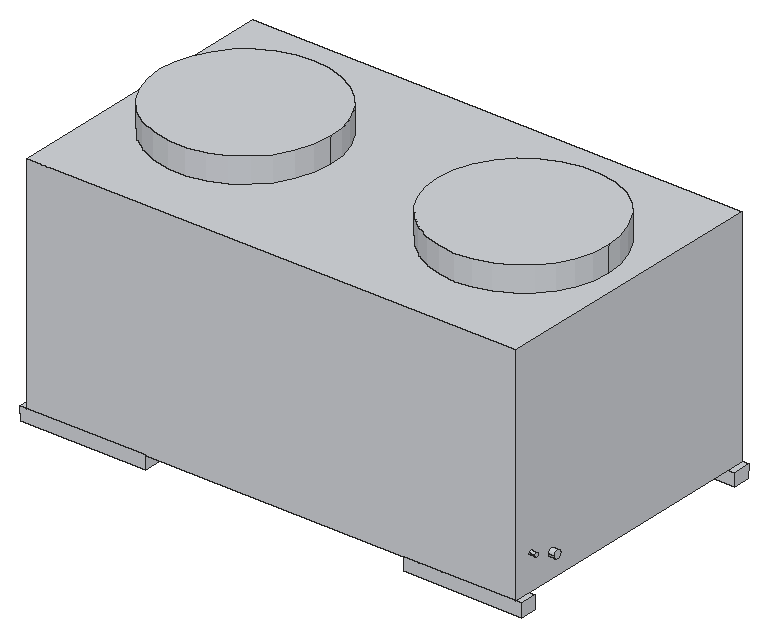
Revit family "d292339db6364c20b3817a31ec12faed", category Mechanical Equipment, Revit 2021
Family settings
  Round Connector Dimension = Use Radius
  Part Type = Normal
  OmniClass Number = 23.75.10.24.21.11.11
  OmniClass Title = Packaged Refrigerant Condensing Coils and Fan Units
  Seek Item ID = Condensing Unit - Air Cooled - DX - 12.5-20 Tons-0000-USA-ENU
  Work Plane-Based = No
  Always vertical = Yes
  Cut with Voids When Loaded = No
  Shared = No
  Room Calculation Point = No
Parameters (values of type "12.5 Tons")
  Voltage = 460 V
  Unit Width = 3' - 7"
  Unit Material = none
  Unit Length = 6' - 2 1/4"
  Unit Height = 3' - 0 1/16"
  Outlet Radius = 1/4"
  Outlet Diameter = Outlet Radius * 2  # 1/2"
  Number of Poles = 3
  Maximum Operating Charge = 25' - 0"
  Load Classification = Cooling
  Inlet Radius = 9/16"
  Inlet Diameter = Inlet Radius * 2  # 1 1/8"
  Height 1 = 3' - 3 7/8"
  Default Elevation = 0' - 0"
  C2 Offset2 = 0' - 6 3/4"
  C2 Offset1 = 0' - 5 11/16"
  C1 Offset2 = 0' - 2 3/4"
  C1 Offset1 = 0' - 7 3/8"
  Apparent Load = 12100 VA
Types (4): name | Inlet Radius | Inlet Diameter | C1 Offset1 | Apparent Load
  (no name) | 9/16" | 1 1/8" | 0' - 7 3/8" | 12100 VA
  12.5 Tons | 9/16" | 1 1/8" | 0' - 7 3/8" | 12100 VA
  15 Tons | 11/16" | 1 3/8" | 0' - 7 3/8" | 15400 VA
  20 Tons | 11/16" | 1 3/8" | 0' - 9 1/8" | 17900 VA
Reference planes (in)
  plane 1 "Center (Front/Back)": y = 0
  plane 2: z = 0
  plane 3 "Center (Left/Right)": x = 0
  plane 4: x = 75.25
  plane 5: z = 36.0625
  plane 6: z = 39.875
  plane 7: y = 43
  plane 8: y = 2.5
  plane 9: x = 37.125
  plane 10: z = 2
  plane 11: x = 17
  plane 12: x = 76.25
  plane 13: x = 58.25
  plane 14: y = 40.5
  plane 15: x = 4
  plane 16: x = 17
  plane 17: x = 72.25
  plane 18: x = 59.25
  plane 19: y = 21.5
  plane 20: y = 2.75
  plane 21: y = 6.75
  plane 22: z = 7.375
  plane 23: z = 5.6875
  plane 24: z = 28.8125
  plane 25: y = 4.75
  plane 26: x = 1
  plane 27: x = 19
Forms (in)
  Extrusion 1, solid, material <- "Unit Material"
    sketch origin (0, 0, 0) x (1, 0, 0) y (0, 0, 1)
      loop
        line (1, 36.0625) -> (1, 2) -> (75.25, 2) -> (75.25, 36.0625) -> (1, 36.0625)
    from -43 to 0
  Extrusion 2, solid, material <- "Unit Material"
    sketch origin (0, 0, 0) x (1, 0, 0) y (0, 0, 1)
      loop
        line (0, 2) -> (0, 0) -> (19, 0) -> (19, 2) -> (0, 2)
    from -2.5 to 0
  Extrusion 3, solid, material <- "Unit Material"
    sketch origin (74.25, 0, 0) x (-1, 0, 0) y (0, 0, -1)
      loop
        line (-2, -2) -> (16, -2) -> (16, 0) -> (-2, 0) -> (-2, -2)
    from -2.5 to 0
  Extrusion 4, solid, material <- "Unit Material"
    sketch origin (0, 43, 0) x (1, 0, 0) y (0, 0, -1)
      loop
        line (0, -2) -> (19, -2) -> (19, 0) -> (0, 0) -> (0, -2)
    from -2.5 to 0
  Extrusion 5, solid, material <- "Unit Material"
    sketch origin (74.25, 43, 0) x (-1, 0, 0) y (0, 0, 1)
      loop
        line (-2, 2) -> (-2, 0) -> (16, 0) -> (16, 2) -> (-2, 2)
    from -2.5 to 0
  Extrusion 6, solid, material <- "Unit Material"
    sketch origin (0, 0, 0) x (1, 0, 0) y (0, 1, 0)
      loop
        circle (17, 21.5) r 13
    from 36.0625 to 39.875
  Extrusion 7, solid, material <- "Unit Material"
    sketch origin (74.25, 0, 0) x (-1, 0, 0) y (0, -1, 0)
      loop
        circle (15, -21.5) r 13
    from 36.0625 to 39.875
  Extrusion 8, solid, material <- "Unit Material"
    sketch origin (0, 0, 0) x (0, 1, 0) y (0, 0, 1)
      loop
        circle (4.75, 28.8125) r 0.5
    from 72.25 to 75.25
  Extrusion 9, solid, material <- "Unit Material"
    sketch origin (0, 0, 0) x (0, 1, 0) y (0, 0, 1)
      loop
        circle (2.75, 7.375) r 0.25
    from 75.25 to 76.25
  Extrusion 10, solid, material <- "Unit Material"
    sketch origin (0, 0, 0) x (0, 1, 0) y (0, 0, 1)
      loop
        circle (6.75, 5.6875) r 0.5625
    from 75.25 to 76.25
Cuts and joins
  joined: Extrusion 1, Extrusion 6, Extrusion 7, Extrusion 8, Extrusion 9, Extrusion 10
Dimensions and locks (in)
  "Unit Height": plane 5 to plane 2
  "Unit Width": plane 1 "Center (Front/Back)" to plane 7
  locked: plane 1 "Center (Front/Back)" to plane 8 at 2.5
  "Height 1": plane 6 to plane 2
  locked: plane 10 to plane 2 at 2
  locked: plane 13 to plane 12 at 18
  locked: plane 12 to plane 4 at 1
  locked: plane 14 to plane 7 at 2.5
  locked: plane 17 to plane 18 at 13
  locked: plane 17 to plane 4 at 3
  equal spacing: plane 1 "Center (Front/Back)", plane 19, plane 7
  "C1 Offset2": plane 1 "Center (Front/Back)" to plane 20
  "C2 Offset2": plane 1 "Center (Front/Back)" to plane 21
  "C1 Offset1": plane 22 to plane 2
  "C2 Offset1": plane 23 to plane 2
  locked: plane 24 to plane 2 at 28.8125
  locked: plane 1 "Center (Front/Back)" to plane 25 at 4.75
  locked: plane 26 to plane 3 "Center (Left/Right)" at 1
  locked: plane 27 to plane 26 at 18
  "Unit Length": plane 4 to plane 26
  locked: plane 26 to plane 15 at 3
  locked: plane 15 to plane 16 at 13
  radius of Extrusion 6 sketch curve = 1' - 1"
  radius of Extrusion 7 sketch curve = 1' - 1"
  radius of Extrusion 8 sketch curve = 0' - 0 1/2"
  "Outlet Radius": radius of Extrusion 9 sketch curve
  "Inlet Radius": radius of Extrusion 10 sketch curve
  aligned and locked: Extrusion 1 sketch curve to plane 5
  aligned and locked: Extrusion 1 sketch curve to plane 4
  aligned and locked: Extrusion 1 sketch curve to plane 10
  aligned and locked: Extrusion 3 to plane 2
  aligned and locked: plane 13 to Extrusion 3
  aligned and locked: Extrusion 3 to plane 12
  aligned and locked: Extrusion 3 to plane 10
  aligned and locked: Extrusion 2 to plane 8
  aligned and locked: plane 1 "Center (Front/Back)" to Extrusion 2
  aligned and locked: Extrusion 3 to plane 8
  aligned and locked: plane 1 "Center (Front/Back)" to Extrusion 3
  aligned and locked: plane 1 "Center (Front/Back)" to Extrusion 1
  aligned and locked: Extrusion 1 to plane 7
  aligned and locked: plane 14 to Extrusion 4
  aligned and locked: Extrusion 4 to plane 7
  aligned and locked: Extrusion 5 to plane 7
  aligned and locked: plane 14 to Extrusion 5
  aligned and locked: plane 13 to Extrusion 5
  aligned and locked: Extrusion 5 to plane 12
  aligned and locked: Extrusion 5 to plane 2
  aligned and locked: Extrusion 5 to plane 10
  aligned and locked: plane 19 to Extrusion 6 sketch curve
  aligned and locked: plane 16 to Extrusion 6 sketch curve
  aligned and locked: plane 19 to Extrusion 7 sketch curve
  aligned and locked: plane 18 to Extrusion 7 sketch curve
  aligned and locked: plane 6 to Extrusion 6
  aligned and locked: Extrusion 6 to plane 5
  aligned and locked: Extrusion 7 to plane 6
  aligned and locked: Extrusion 7 to plane 5
  aligned and locked: plane 24 to Extrusion 8 sketch curve
  aligned and locked: plane 25 to Extrusion 8 sketch curve
  aligned and locked: plane 20 to Extrusion 9 sketch curve
  aligned and locked: plane 22 to Extrusion 9 sketch curve
  aligned and locked: plane 23 to Extrusion 10 sketch curve
  aligned and locked: plane 21 to Extrusion 10 sketch curve
  aligned and locked: Extrusion 10 to plane 12
  aligned and locked: Extrusion 9 to plane 12
  aligned and locked: Extrusion 10 to plane 4
  aligned and locked: Extrusion 9 to plane 4
  aligned and locked: plane 4 to Extrusion 8
  aligned and locked: plane 17 to Extrusion 8
  aligned and locked: plane 26 to Extrusion 1 sketch curve
  aligned and locked: plane 3 "Center (Left/Right)" to Extrusion 2 sketch curve
  aligned and locked: Extrusion 2 sketch curve to plane 27
  aligned and locked: plane 2 to Extrusion 2 sketch curve
  aligned and locked: Extrusion 2 sketch curve to plane 10
  aligned and locked: plane 3 "Center (Left/Right)" to Extrusion 4 sketch curve
  aligned and locked: Extrusion 4 sketch curve to plane 10
  aligned and locked: plane 2 to Extrusion 4 sketch curve
  aligned and locked: Extrusion 4 sketch curve to plane 27
Automatic sketch dimensions
  Extrusion 3 sketch curve to level = 0' - 0"
  Extrusion 3 sketch curve to plane 12 = 0' - 0"
  Extrusion 3 sketch curve to plane 13 = 0' - 0"
  Extrusion 3 sketch curve to plane 10 = 0' - 0"
  Extrusion 5 sketch curve to level = 0' - 0"
  Extrusion 5 sketch curve to plane 12 = 0' - 0"
  Extrusion 5 sketch curve to plane 13 = 0' - 0"
  Extrusion 5 sketch curve to plane 10 = 0' - 0"
Connectors (in)
  piping at (76.25, 2.75, 7.375), diameter 0.5, driven by "Outlet Radius"
    settings: on cut or joined group of Extrusion 1, Extrusion 6, Extrusion 7, Extrusion 8, Extrusion 9, Extrusion 10, index 1, connector inside diameter 1/2", connector length 0' - 0", flow factor 0, pipe flow 0 GPM, pressure drop 0.00 psi, fitting loss kfactor 0, connector angle 0.00°, fixture units 0, engagement length 0' - 0", angle of deflection 0.00°, flow configuration 0, flow direction 2, fitting loss method 0, system type 22, joint type 0, gender type 0, connector reference index 2, connector utility 0, adjustable connector no, is connector primary yes, connector description "Cryogen Out"
  piping at (76.25, 6.75, 5.6875), diameter 1.125, driven by "Inlet Radius"
    settings: on cut or joined group of Extrusion 1, Extrusion 6, Extrusion 7, Extrusion 8, Extrusion 9, Extrusion 10, index 2, connector inside diameter 1 1/8", connector length 0' - 0", flow factor 0, pipe flow 0 GPM, pressure drop 0.00 psi, fitting loss kfactor 0, connector angle 0.00°, fixture units 0, engagement length 0' - 0", angle of deflection 0.00°, flow configuration 0, flow direction 1, fitting loss method 0, system type 22, joint type 0, gender type 0, connector reference index 1, connector utility 0, adjustable connector no, is connector primary no, connector description "Cryogen In"
  electrical at (75.25, 4.75, 28.8125), driven by "Apparent Load", driven by "Voltage", driven by "Number of Poles", driven by "Load Classification"
    settings: on Extrusion 8, index 3, voltage 460 V, apparent load 12100 VA, apparent load phase1 0 VA, apparent load phase2 0 VA, apparent load phase3 0 VA, power factor 0.8, load classification "Cooling", number of poles 3, system type 30, power factor state 1, is connector primary yes, connector utility no, sub classification motor no, connector description ""
